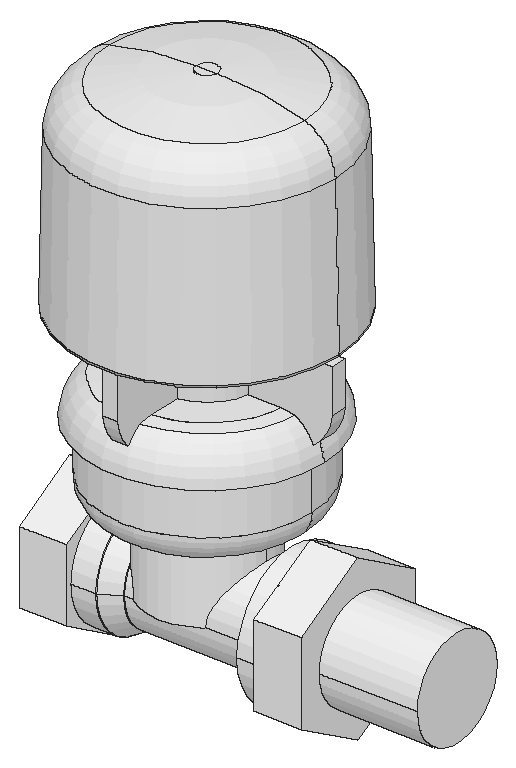
Revit family "RA-IN_Straight_DN10-20_F_Aero_RFA-1", category Pipe Accessories, Revit 2019
Family settings
  Round Connector Dimension = Use Diameter
  Part Type = Valve - Breaks Into
  OmniClass Number = 23.65.55.14.17
  OmniClass Title = Adjusting/Controlling Valves for Liquid Services
  Work Plane-Based = No
  Always vertical = Yes
  Cut with Voids When Loaded = No
  Shared = No
Parameters (values of type "RA-IN_Straight_DN15_Internal_F_013G6584")
  length = 82.00 mm
  Weight = 0.24 kg
  Wa = if(or(Sensor Type = [015G4540], Sensor Type = [015G4544], Sensor Type = [015G4542]), 30.50 mm, 28.00 mm)  # 28.00 mm
  W = if(or(Sensor Type = [015G4540], Sensor Type = [015G4544], Sensor Type = [015G4542]), 61.00 mm, 56.00 mm)  # 56.00 mm
  Setting Range = "1-4,N"  # constant formula
  Sensor Type = Aero Sensors_RA_RFA : Aero Sensors_Built-in_7-28 °C
  SL = L1 + L2  # 61.00 mm
  SD = R_200_1 * 2  # 34.64 mm
  R_200_1 = 17.32 mm
  R_200 = 15.42 mm
  RV4 = 14.80 mm
  RV3 = 12.30 mm
  RV2 = 12.50 mm
  Pressure Drop [instance] = 0.0 bar
  Model Type = "RA-IN_Straight_DN15_Internal_F"
  Model = "013G6584"
  Max Operating Pressure = "10 bar"  # constant formula
  Max Medium Temperature = "120 ˚C"  # constant formula
  Max Differential Pressure = "0.6 bar"  # constant formula
  L4 = 10.00 mm
  Valve Body Material = Danfoss Brass (Nickel plated)
  RV5 = 10.50 mm
  LOD 350 = not(LOD 200)  # yes
  LOD 200 = no
  L8 = 3.80 mm
  L7 = 15.50 mm
  L6 = 9.50 mm
  L5 = 4.00 mm
  L [instance] = 82.00 mm
  Kvs = 0.9 m³/h
  IfcExportType = "RA-IN"  # constant formula
  IfcExportAs = "IfcValveType"  # constant formula
  Ha [instance] = 98.66 mm
  HT1 = if(D = 20.00 mm, 20.00 mm, 15.00 mm)  # 15.00 mm
  L3 = 10.00 mm
  URL = "https://store.danfoss.com/fr/en/Climate-Solutions-for-heating/Radiator-Thermostats/Radiator-Valves/Build-on-valves/Presetting-valves/c/13866?q=%3Arelevance%3Adanfoss_producttypehierarchydesc%3ARA-IN%3Adanfoss_a223339155%3AA223_3391558c5e50fab3748e9c53a6863b3dce1401%3Adanfoss_a2824460767%3AA2824_460767800618943025315f869e4e1f09471012&text="
  Manufacturer = "Danfoss"  # constant formula
  L2 = 32.00 mm
  L1 = 29.00 mm
  HT = HT1 + 33.00 mm  # 48.00 mm
  H [instance] = 115.981 mm
  Flow [instance] = 0.0 m³/h
  Description = "Thermostatic Radiator Valve"  # constant formula
  DB1 = 25.50 mm
  DV1 = 20.30 mm
  L_nut thread2 = 15.00 mm
  L_nut thread1 = 13.35 mm
  D = 15.00 mm
  Connection = "Internal thread"  # constant formula
  015G4544 = Aero Sensors_RA_RFA : Aero Sensors_Tamperproof_Built-in_7-21 °C_015G4544
  015G4542 = Aero Sensors_RA_RFA : Aero Sensors_Tamperproof_Remote_7-26 °C_015G4542
  015G4540 = Aero Sensors_RA_RFA : Aero Sensors_Tamperproof_Built-in_7-28 °C_015G4540
Reference planes
  plane 1 "Center (Front/Back)": y = 0
  plane 2 "XYPLANE": z = 6
  plane 3 "Center (Left/Right)": x = 0
  plane 4 "63": x = 0
  plane 5 "62": x = -29
  plane 6 "61": x = 32
  plane 7 "60": y = 0
  plane 8 "59": z = 0
  plane 9 "Y2": x = -19
  plane 10: z = 48
  plane 11: x = 22
  plane 12: z = 15
  plane 13: x = 15.5
  plane 14: x = -9.5
  plane 15: x = -13.5
  plane 16: x = 18.2
  plane 17: x = -14.273
  plane 18: x = 53
  plane 19: y = 28
  plane 20: y = -28
Forms (mm)
  Extrusion 1, solid, material "Danfoss Brass (Nickel plated)" <- "Valve Body Material", visible <- "LOD 350", detail levels fine
    sketch origin (-15, 0, 0) x (0, 0, 1) y (0, -1, 0)
      loop
        circle (0, 0) r 10.15
    from 5.5 to 30.5
  Extrusion 2, solid, material "Danfoss Brass (Nickel plated)" <- "Valve Body Material", visible <- "LOD 350", detail levels fine
    sketch origin (32, -750, 0) x (0, 1, 0) y (0, 0, 1)
      loop
        line (750, 17.321) -> (735, 8.66) -> (735, -8.66) -> (750, -17.321) -> (765, -8.66) -> (765, 8.66) -> (750, 17.321)
    from 0 to -10
  Extrusion 3, solid, material "Danfoss Brass (Nickel plated)" <- "Valve Body Material", visible <- "LOD 350", detail levels fine
    sketch origin (-29, -750, 0) x (0, 1, 0) y (0, 0, 1)
      loop
        line (750, 15.415) -> (736.65, 7.708) -> (736.65, -7.708) -> (750, -15.415) -> (763.35, -7.708) -> (763.35, 7.708) -> (750, 15.415)
    from 0 to 10 <- "L3"
  Extrusion 4, solid, material "Danfoss Brass (Nickel plated)" <- "Valve Body Material", visible <- "LOD 350", detail levels fine
    sketch origin (32, -750, 0) x (0, 1, 0) y (0, 0, 1)
      loop
        circle (750, 0) r 12.5
    from -51 to -45.5
  Extrusion 5, solid, material "Danfoss Brass (Nickel plated)" <- "Valve Body Material", visible <- "LOD 200", detail levels fine
    sketch origin (32, -750, 0) x (0, 1, 0) y (0, 0, 1)
      loop
        circle (750, 0) r 10.15
    from -51 to -10
  Extrusion 6, solid, material "Danfoss Brass (Nickel plated)" <- "Valve Body Material", detail levels fine
    sketch origin (0, 0, 0) x (0, 1, 0) y (0, 0, 1)
      loop
        circle (0, 0) r 10.5
    from 32 to 53
  Extrusion 7, solid, material "Danfoss Brass (Nickel plated)" <- "Valve Body Material", detail levels fine
    sketch origin (0, 0, 0) x (1, 0, 0) y (0, 1, 0)
      loop
        circle (0, 0) r 12.75
    from 0 to 15
  Blend 8, solid, material "Danfoss Brass (Nickel plated)" <- "Valve Body Material", visible <- "LOD 350", detail levels fine
    base sketch origin (0, 0, 0) x (0, 1, 0) y (0, 0, 1)
      loop
        circle (0, 0) r 12.5
    top sketch origin (0, 0, 0) x (0, 1, 0) y (0, 0, 1)
      loop
        circle (0, 0) r 10.15
    from -13.5 to -9.5
  Blend 9, solid, material "Danfoss Brass (Nickel plated)" <- "Valve Body Material", visible <- "LOD 350", detail levels fine
    base sketch origin (0, 0, 0) x (0, 1, 0) y (0, 0, -1)
      loop
        circle (0, 0) r 12.3
    top sketch origin (0, 0, 0) x (0, 1, 0) y (0, 0, -1)
      loop
        circle (0, 0) r 10.15
    from -18.2 to -15.5
  Extrusion 10, solid, material "Danfoss Brass (Nickel plated)" <- "Valve Body Material", visible <- "LOD 350", detail levels fine
    sketch origin (-29.5, -750, 0) x (0, 1, 0) y (0, 0, -1)
      loop
        circle (750, 0) r 14.8
    from -51.5 to -47.7
  Extrusion 11, solid, material "Danfoss Brass (Nickel plated)" <- "Valve Body Material", visible <- "LOD 200", detail levels fine
    sketch origin (0, 0, 0) x (0, 1, 0) y (0, 0, 1)
      loop
        circle (0, 0) r 15.42
    from -29 to -19
  Extrusion 12, solid, material "Danfoss Brass (Nickel plated)" <- "Valve Body Material", visible <- "LOD 200", detail levels fine
    sketch origin (0, 0, 0) x (0, 1, 0) y (0, 0, 1)
      loop
        circle (0, 0) r 17.32
    from 22 to 32
Lines and regions (mm)
  reference lines, not visible
    curve 1: circle (2, 2, 0) r 1 normal (0, 0, 1)
  reference lines, visible <- "LOD 350"
    curve 2: line (32, 0, 0) -> (32, 5.846, -3.375)
    curve 3: line (32, 0, 0) -> (32, 0, -6.75)
    curve 4: line (32, 0, 0) -> (32, -5.846, -3.375)
    curve 5: line (-29, 0, 0) -> (-29, -4.98, -2.875)
    curve 6: line (-29, 0, 0) -> (-29, 0, -5.75)
    curve 7: line (-29, 0, 0) -> (-29, 4.98, -2.875)
Dimensions and locks
  plane 1 "Center (Front/Back)" to curve 1 = 2.00 mm
  locked: plane 3 "Center (Left/Right)" to plane 4 "63"
  "L1": plane 3 "Center (Left/Right)" to plane 5 "62"
  "L2": plane 3 "Center (Left/Right)" to plane 6 "61"
  locked: plane 1 "Center (Front/Back)" to plane 7 "60"
  plane 8 "59" to plane 2 "XYPLANE" = 6.00 mm
  "L_nut thread2": curve 2 to Extrusion 2 sketch curve  (x2)
  "L_nut thread2": curve 3 to Extrusion 2 sketch curve  (x2)
  "L_nut thread2": curve 4 to Extrusion 2 sketch curve  (x2)
  "L_nut thread1": curve 5 to Extrusion 3 sketch curve  (x2)
  "L_nut thread1": curve 6 to Extrusion 3 sketch curve  (x2)
  "L_nut thread1": curve 7 to Extrusion 3 sketch curve  (x2)
  "HT": plane 10 to level
  "L3": plane 5 "62" to plane 9 "Y2"
  "L4": plane 11 to plane 6 "61"
  "HT1": plane 12 to level
  "L6": plane 3 "Center (Left/Right)" to plane 14
  "L7": plane 13 to plane 3 "Center (Left/Right)"
  "L5": plane 14 to plane 15
  plane 6 "61" to plane 5 "62" = 61.00 mm
  "L8": plane 11 to plane 16
  locked: plane 17 to plane 9 "Y2" at 4.727
  plane 10 to plane 12 = 33.00 mm
  "length": plane 5 "62" to plane 18
  Extrusion 2 to Extrusion 2 = 30.00 mm
  Extrusion 3 to Extrusion 3 = 26.70 mm
  "L": plane 18 to plane 5 "62"
  level to Extrusion 3 = 15.415 mm
  level to Extrusion 2 = 17.321 mm
  "Wa": plane 1 "Center (Front/Back)" to plane 19
  "W": plane 20 to plane 19
  "Ha": nested 2 to level
  "H": nested 2 to Extrusion 2
  "DV1": diameter of Extrusion 1 sketch curve
  "RV2": radius of Extrusion 4 sketch curve
  "DV1": diameter of Extrusion 5 sketch curve
  "RV5": radius of Extrusion 6 sketch curve
  "DB1": diameter of Extrusion 7 sketch curve
  "RV2": radius of Blend 8 sketch curve
  "DV1": diameter of Blend 8 sketch curve
  "RV3": radius of Blend 9 sketch curve
  "DV1": diameter of Blend 9 sketch curve
  "RV4": radius of Extrusion 10 sketch curve
  "R_200": radius of Extrusion 11 sketch curve
  "R_200_1": radius of Extrusion 12 sketch curve
  locked: curve 3 to curve 2 (angle 60.00°)
  locked: curve 4 to curve 3 (angle 60.00°)
  locked: curve 4 to curve 2 (angle 120.00°)
  locked: curve 6 to curve 5 (angle 60.00°)
  locked: curve 7 to curve 6 (angle 60.00°)
  locked: curve 7 to curve 5 (angle 120.00°)
  aligned and locked: Extrusion 1 sketch curve to plane 7 "60"
  aligned and locked: curve 4 to plane 7 "60"
  aligned and locked: plane 8 "59" to curve 4
  aligned and locked: curve 7 to plane 7 "60"
  aligned and locked: plane 8 "59" to curve 7
  aligned and locked: plane 1 "Center (Front/Back)" to Extrusion 4 sketch curve
  aligned and locked: level to Extrusion 4 sketch curve
  aligned and locked: plane 1 "Center (Front/Back)" to Extrusion 5 sketch curve
  aligned and locked: level to Extrusion 5 sketch curve
  aligned and locked: plane 9 "Y2" to Extrusion 3
  aligned and locked: plane 1 "Center (Front/Back)" to Extrusion 6 sketch curve
  aligned and locked: level to Extrusion 6 sketch curve
  aligned and locked: Extrusion 2 to plane 11
  aligned and locked: plane 4 "63" to Extrusion 7 sketch curve
  aligned and locked: plane 7 "60" to Extrusion 7 sketch curve
  aligned and locked: plane 12 to Extrusion 7
  aligned and locked: Extrusion 6 to plane 6 "61"
  aligned and locked: Extrusion 1 to plane 14
  aligned and locked: plane 13 to Extrusion 1
  aligned and locked: Extrusion 4 to plane 9 "Y2"
  aligned and locked: plane 15 to Extrusion 4
  aligned and locked: plane 1 "Center (Front/Back)" to Blend 8 sketch curve  (x2)
  aligned and locked: level to Blend 8 sketch curve  (x2)
  aligned and locked: Blend 8 to plane 15
  aligned and locked: plane 14 to Blend 8
  aligned and locked: plane 13 to Blend 9
  aligned and locked: plane 1 "Center (Front/Back)" to Blend 9 sketch curve  (x2)
  aligned and locked: level to Blend 9 sketch curve  (x2)
  aligned and locked: Extrusion 5 to plane 9 "Y2"
  aligned and locked: plane 11 to Extrusion 5
  aligned and locked: plane 16 to Blend 9
  aligned and locked: plane 11 to Extrusion 10
  aligned and locked: Extrusion 10 to plane 16
  aligned and locked: plane 1 "Center (Front/Back)" to Extrusion 11 sketch curve
  aligned and locked: level to Extrusion 11 sketch curve
  aligned and locked: Extrusion 11 to plane 5 "62"
  aligned and locked: Extrusion 11 to plane 9 "Y2"
  aligned and locked: plane 1 "Center (Front/Back)" to Extrusion 12 sketch curve
  aligned and locked: level to Extrusion 12 sketch curve
  aligned and locked: Extrusion 2 to Extrusion 12
  aligned and locked: Extrusion 12 to plane 6 "61"
  aligned and locked: plane 18 to Extrusion 6
  aligned and locked: plane 3 "Center (Left/Right)" to nested 1
  aligned and locked: plane 12 to nested 1
  aligned and locked: plane 1 "Center (Front/Back)" to nested 1
  aligned and locked: nested 2 to plane 12
  aligned and locked: plane 3 "Center (Left/Right)" to nested 2
  aligned and locked: plane 1 "Center (Front/Back)" to nested 2
  aligned and locked: level to nested 3
  aligned and locked: nested 3 to plane 6 "61"
  aligned and locked: plane 1 "Center (Front/Back)" to nested 3
Automatic sketch dimensions
  plane 3 "Center (Left/Right)" to curve 1 = 2.00 mm
  Extrusion 1 sketch curve to level = 0.00 mm
  Extrusion 6 sketch curve to level = 0.00 mm
  Extrusion 10 sketch curve to level = 0.00 mm
  Extrusion 10 sketch curve to plane 1 "Center (Front/Back)" = 0.00 mm
  radius of curve 1 = 1.00 mm
Nested families
  nested 1: "connection neck" at (0, 0, 15), LOD 200 <- "LOD 200", type "connection", detail levels fine
    with LOD 350 yes, LOD 200 no, DN20(350) no, DN10-15(350) yes
  nested 2: "Aero Sensors_RA_RFA" at (0, 0, 15), type <- "Sensor Type", LOD 200 <- "LOD 200", type "Aero Sensors_Built-in_7-28 °C", detail levels fine
    with Y' 700.00 mm, X' 700.00 mm, LOD 350 yes, LOD 200 no, Box Z Offset 100.00 mm, Box Y Offset 100.00 mm, Box X Offset 100.00 mm
  nested 3: "Schematic_TRV_Sensor_Straight" at (1.5, 0, 0), type "Schematic_TRV_Sensor_Straight", detail levels coarse+medium
Connectors
  piping at (-29, 0, 0), diameter 15, driven by "D", driven by "Flow"
    settings: on Extrusion 3, index 2, connector inside diameter 609.6 mm, connector length 0.00 mm, flow factor 0, pipe flow 0.0 m³/h, pressure drop 0.0 bar, fitting loss kfactor 0, connector angle 0.00°, fixture units 0, engagement length 0.00 mm, angle of deflection 0.00°, flow configuration 0, flow direction 1, fitting loss method 0, system type 29, joint type 0, gender type 0, connector reference index 3, connector utility 0, adjustable connector no, is connector primary yes, connector description ""
  piping at (32, 0, 0), diameter 15, driven by "Flow", driven by "D"
    settings: on Extrusion 2, index 3, connector inside diameter 609.6 mm, connector length 0.00 mm, flow factor 0, pipe flow 0.0 m³/h, pressure drop 0.0 bar, fitting loss kfactor 0, connector angle 0.00°, fixture units 0, engagement length 0.00 mm, angle of deflection 0.00°, flow configuration 0, flow direction 2, fitting loss method 0, system type 29, joint type 0, gender type 0, connector reference index 2, connector utility 0, adjustable connector no, is connector primary no, connector description ""
Definition of nested family "connection neck"
  Parameters (values of type "connection")
    Model = ""
    Valve Body Material = none
    LOD 350 [instance] = not(LOD 200)  # yes
    LOD 200 [instance] = no
    IfcExportType = "Connection neck"  # constant formula
    IfcExportAs = "IfcValveType"  # constant formula
    URL = "https://store.danfoss.com/en/Climate-Solutions-for-heating/Radiator-Thermostats/Radiator-Valves/Build-on-valves/Presetting-valves/c/13866?q=%3Arelevance%3Adanfoss_producttypehierarchydesc%3ARA-N&text="
    Manufacturer = "Danfoss"  # constant formula
    HT1 = if(D = 20.00 mm, 12.55 mm, 12.65 mm)  # 12.65 mm
    HT = 33.00 mm  # constant formula
    H [instance] = 33.00 mm
    Description = "Thermostatic Radiator Valve"  # constant formula
    DN20(350) [instance] = and((LOD 350), D = 20.00 mm)  # no
    DN10-15(350) [instance] = and((LOD 350), D < 20.00 mm)  # yes
    D = 15.00 mm
  Reference planes
    plane 1 "Center (Front/Back)": y = 0
    plane 2 "XYPLANE": z = 6
    plane 3 "Center (Left/Right)": x = 0
    plane 4 "67": z = 27.03
    plane 5 "66": z = 7
    plane 6 "63": x = 0
    plane 7 "60": y = 0
    plane 8 "59": z = 0
    plane 9: z = 33
    plane 10: z = 12.65
    plane 11: z = 0
    plane 12 "HT1": z = 12.65
    plane 13: z = 6.1
    plane 14: z = 23.03
  Forms (mm)
    Revolve 1, solid, detail levels fine
      sketch origin (0, 0, 0) x (1, 0, 0) y (0, 0, 1)
        loop
          line (0, 33) -> (0, 27.03) -> (1, 27.03) -> (1, 33) -> (0, 33)
        axis (0, 27.03) -> (0, 33)
      angle from 0 to 360
    Revolve 2, solid, visible <- "DN10-15(350)", detail levels fine
      sketch origin (0, 0, 0) x (1, 0, 0) y (0, 0, 1)
        loop
          line (0, 0) -> (11.5, 0) -> (11.5, 7) -> (8.3, 7) -> (8.3, 12.65) -> (0, 12.65) -> (0, 0)
        axis (0, 12.65) -> (0, 0)
      angle from 0 to 360
    Revolve 3, solid, material <- "Valve Body Material", detail levels fine
      sketch origin (0, 0, 0) x (1, 0, 0) y (0, 0, 1)
        loop
          line (0, 23.03) -> (0, 12.65) -> (9.3, 12.65) -> (9.3, 23.03) -> (0, 23.03)
        axis (0, 12.65) -> (0, 23.03)
      angle from 0 to 360
    Revolve 4, solid, visible <- "LOD 200", detail levels fine
      sketch origin (0, 0, 0) x (1, 0, 0) y (0, 0, 1)
        loop
          line (0, 0) -> (11.5, 0) -> (11.5, 12.65) -> (0, 12.65) -> (0, 0)
        axis (0, 0) -> (0, 12.65)
      angle from 0 to 360
    Extrusion 5, solid, visible <- "LOD 350", detail levels fine
      sketch origin (0, 0, 0) x (1, 0, 0) y (0, 1, 0)
        loop
          line (-2.887, 5) -> (-5.774, 0) -> (-2.887, -5) -> (2.887, -5) -> (5.774, 0) -> (2.887, 5) -> (-2.887, 5)
      from 23.03 to 27.03
    Revolve 6, solid, visible <- "LOD 200", detail levels fine
      sketch origin (0, 0, 0) x (1, 0, 0) y (0, 0, 1)
        loop
          line (0, 27.03) -> (0, 23.03) -> (5.774, 23.03) -> (5.774, 27.03) -> (0, 27.03)
        axis (0, 27.03) -> (0, 23.03)
      angle from 0 to 360
    Revolve 7, solid, visible <- "DN20(350)", detail levels fine
      sketch origin (0, 0, 0) x (1, 0, 0) y (0, 0, 1)
        loop
          line (0, 0) -> (11.5, 0) -> (11.5, 6.1) -> (8.3, 6.1) -> (8.3, 12.65) -> (0, 12.65) -> (0, 0)
        axis (0, 12.65) -> (0, 0)
      angle from 0 to 360
  Lines and regions (mm)
    reference lines, not visible
      curve 1: circle (2, 2, 0) r 1 normal (0, 0, 1)
    reference lines, visible <- "LOD 350"
      curve 2: line (32, 0, 0) -> (32, 5.846, -3.375)
      curve 3: line (32, 0, 0) -> (32, 0, -6.75)
      curve 4: line (32, 0, 0) -> (32, -5.846, -3.375)
      curve 5: line (-29, 0, 0) -> (-29, -4.98, -2.875)
      curve 6: line (-29, 0, 0) -> (-29, 0, -5.75)
      curve 7: line (-29, 0, 0) -> (-29, 4.98, -2.875)
  Dimensions and locks
    plane 1 "Center (Front/Back)" to curve 1 = 2.00 mm
    locked: plane 3 "Center (Left/Right)" to plane 6 "63"
    locked: plane 1 "Center (Front/Back)" to plane 7 "60"
    plane 8 "59" to plane 2 "XYPLANE" = 6.00 mm
    "HT": plane 9 to level
    Revolve 3 sketch curve to Revolve 3 sketch curve = 9.30 mm
    Revolve 2 sketch curve to plane 3 "Center (Left/Right)" = 11.50 mm
    Revolve 2 sketch curve to plane 3 "Center (Left/Right)" = 8.30 mm
    Revolve 4 sketch curve to Revolve 4 sketch curve = 11.50 mm
    Extrusion 5 sketch curve to Extrusion 5 sketch curve = 10.00 mm  (x3)
    equal spacing: Extrusion 5 sketch curve, plane 1 "Center (Front/Back)", Extrusion 5 sketch curve
    equal spacing: Extrusion 5 sketch curve, plane 3 "Center (Left/Right)", Extrusion 5 sketch curve  (x2)
    Revolve 6 sketch curve to Revolve 6 sketch curve = 5.774 mm
    "H": plane 9 to plane 11
    Revolve 1 sketch curve to Revolve 1 sketch curve = 1.00 mm
    locked: level to plane 11
    Revolve 7 sketch curve to plane 3 "Center (Left/Right)" = 8.30 mm
    Revolve 7 sketch curve to plane 3 "Center (Left/Right)" = 11.50 mm
    plane 10 to plane 5 "66" = 5.65 mm
    "HT1": plane 12 "HT1" to level
    locked: plane 13 to level at 6.1
    plane 12 "HT1" to plane 13 = 6.55 mm
    locked: plane 14 to plane 12 "HT1" at 10.38
    locked: plane 4 "67" to plane 14 at 4
    locked: plane 5 "66" to level at 7
    locked: curve 3 to curve 2 (angle 60.00°)
    locked: curve 4 to curve 3 (angle 60.00°)
    locked: curve 4 to curve 2 (angle 120.00°)
    locked: curve 6 to curve 5 (angle 60.00°)
    locked: curve 7 to curve 6 (angle 60.00°)
    locked: curve 7 to curve 5 (angle 120.00°)
    aligned and locked: curve 4 to plane 7 "60"
    aligned and locked: plane 8 "59" to curve 4
    aligned and locked: curve 7 to plane 7 "60"
    aligned and locked: plane 8 "59" to curve 7
    aligned and locked: Revolve 1 sketch curve to plane 6 "63"
    aligned and locked: Revolve 1 sketch curve to plane 9
    aligned and locked: plane 6 "63" to Revolve 1 sketch curve
    aligned and locked: Revolve 2 sketch curve to plane 5 "66"
    aligned and locked: Revolve 2 sketch curve to plane 3 "Center (Left/Right)"
    aligned and locked: Revolve 2 sketch curve to Revolve 2 sketch curve
    aligned and locked: Revolve 3 sketch curve to plane 6 "63"
    aligned and locked: plane 6 "63" to Revolve 3 sketch curve
    aligned and locked: Revolve 4 sketch curve to plane 6 "63"
    aligned and locked: plane 2 "XYPLANE" to Revolve 4 sketch curve
    aligned and locked: plane 6 "63" to Revolve 4 sketch curve
    aligned and locked: Revolve 1 sketch curve to plane 4 "67"
    aligned and locked: plane 4 "67" to Revolve 1 sketch curve
    aligned and locked: Revolve 2 sketch curve to plane 11
    aligned and locked: plane 11 to Revolve 2 sketch curve
    aligned and locked: plane 4 "67" to Extrusion 5
    aligned and locked: plane 10 to Revolve 4
    aligned and locked: Revolve 6 sketch curve to plane 6 "63"  (x2)
    aligned and locked: Revolve 6 sketch curve to plane 4 "67"
    aligned and locked: Revolve 6 sketch curve to Revolve 1
    aligned and locked: Revolve 6 sketch curve to Revolve 6 sketch curve
    aligned and locked: Revolve 7 sketch curve to level
    aligned and locked: Revolve 7 sketch curve to plane 3 "Center (Left/Right)"  (x2)
    aligned and locked: Revolve 4 sketch curve to plane 12 "HT1"
    aligned and locked: Revolve 3 sketch curve to plane 12 "HT1"
    aligned and locked: Revolve 2 sketch curve to plane 12 "HT1"
    aligned and locked: Revolve 7 sketch curve to plane 12 "HT1"
    aligned and locked: Revolve 7 sketch curve to plane 13
    aligned and locked: Revolve 3 sketch curve to plane 14
    aligned and locked: Extrusion 5 to plane 14
  Automatic sketch dimensions
    plane 3 "Center (Left/Right)" to curve 1 = 2.00 mm
    plane 9 to Revolve 1 sketch curve = 0.838 mm
    Revolve 3 sketch curve to plane 3 "Center (Left/Right)" = 0.00 mm
    plane 5 "66" to Revolve 3 sketch curve = 2.50 mm
    Revolve 3 sketch curve to plane 9 = 1.691 mm
    Revolve 4 sketch curve to plane 11 = 0.00 mm
    Revolve 4 sketch curve to plane 9 = 0.30 mm
    plane 1 "Center (Front/Back)" to Extrusion 5 sketch curve = 0.00 mm
    Extrusion 5 sketch curve to Extrusion 5 sketch curve = 2.887 mm
    Revolve 7 sketch curve to Revolve 7 sketch curve = 0.00 mm
    Revolve 7 sketch curve to Revolve 7 sketch curve = 11.48 mm
    Revolve 2 sketch curve to plane 4 "67" = 3.00 mm
    Revolve 6 sketch curve to plane 4 "67" = 4.00 mm
    radius of curve 1 = 1.00 mm
Definition of nested family "Aero Sensors_RA_RFA"
  Parameters (values of type "Aero Sensors_Built-in_7-28 °C")
    YH = XYadd - H'  # 516.00 mm
    Y' [instance] = if(Box Y Offset < -1 * XYlimit, XYadd - XYlimit, (if(Box Y Offset > XYlimit, XYadd + XYlimit, Box Y Offset + XYadd)))  # 700.00 mm
    XYadd = XYlimit + 100.00 mm  # 600.00 mm
    X' [instance] = if(Box X Offset < -1 * XYlimit, XYadd - XYlimit, (if(Box X Offset > XYlimit, XYadd + XYlimit, Box X Offset + XYadd)))  # 700.00 mm
    XYlimit = 500.00 mm
    W [instance] = 56.00 mm
    Min Temperature Setting = "7 °C"
    Max Temperature Setting = "28 °C"
    Max Capillary Tube Length = 0.00 mm
    Sensor Media = "Gas"  # constant formula
    Remote Sensor = if(RS = 1, 1 = 1, 1 = 0)  # no
    Box Z Offset [instance] = 100.00 mm  # constant formula
    URL = "https://store.danfoss.com/en/Climate-Solutions-for-heating/Radiator-Thermostats/Radiator-sensors/Room-sensor-mTRV/Sensors-for-Danfoss-RA-valves/c/13884?q=%3Arelevance%3Adanfoss_producttypehierarchydesc%3ADanfoss+Aero%C2%AE+Sensors%3Adanfoss_a1186338575%3AA1186_3385757565fa0f3e171a343b2fd2a01064cb82&text="
    RS = 0
    Model Type = "Aero Sensors_Built-in_7-28 °C"
    Model = "015G4590,015G4594,015G4580,015G5201,015G4595,015G4598"
    Manufacturer = "Danfoss"  # constant formula
    LOD 350 [instance] = not(LOD 200)  # yes
    LOD 200 [instance] = no
    L [instance] = 56.00 mm
    IfcExportType = "Aero Sensors"  # constant formula
    IfcExportAs = "IfcActuatorType"  # constant formula
    H' = 84.00 mm
    H [instance] = 84.00 mm
    Description = "Radiator Sensor"  # constant formula
    Connection = "RA"  # constant formula
    Box Y Offset [instance] = 100.00 mm
    Box X Offset [instance] = 100.00 mm
    Body Material = none
    Aero Sensor = Aero_RFA : Aero Sensors
  Types (11, lengths in mm): name | YH | Y' | XYadd | X' | XYlimit | W | Min Temperature Setting | Max Temperature Setting | Max Capillary Tube Length | Remote Sensor | URL | RS | Model Type | Model | L | Aero Sensor
    (no name) | 516.00 | 700.00 | 600.00 | 700.00 | 500.00 | 56.00 | "7 °C" | "28 °C" | 0.00 | no | "https://store.danfoss.com/en/Climate-Solutions-for-heating/Radiator-Thermostats/Radiator-sensors/Room-sensor-mTRV/Sensors-for-Danfoss-RA-valves/c/13884?q=%3Arelevance%3Adanfoss_producttypehierarchydesc%3ADanfoss+Aero%C2%AE+Sensors%3Adanfoss_a1186338575%3AA1186_3385757565fa0f3e171a343b2fd2a01064cb82&text=" | 0 | "Aero Sensors_Built-in_7-28 °C" | "015G4590,015G4594,015G4580,015G5201,015G4595,015G4598" | 56.00 | Aero_RFA : Aero Sensors
    Aero Sensors_Built-in_7-28 °C | 516.00 | 700.00 | 600.00 | 700.00 | 500.00 | 56.00 | "7 °C" | "28 °C" | 0.00 | no | "https://store.danfoss.com/en/Climate-Solutions-for-heating/Radiator-Thermostats/Radiator-sensors/Room-sensor-mTRV/Sensors-for-Danfoss-RA-valves/c/13884?q=%3Arelevance%3Adanfoss_producttypehierarchydesc%3ADanfoss+Aero%C2%AE+Sensors%3Adanfoss_a1186338575%3AA1186_3385757565fa0f3e171a343b2fd2a01064cb82&text=" | 0 | "Aero Sensors_Built-in_7-28 °C" | "015G4590,015G4594,015G4580,015G5201,015G4595,015G4598" | 56.00 | Aero_RFA : Aero Sensors
    Aero Sensors_Tamperproof_Built-in_7-28 °C_015G4540 | 516.00 | 700.00 | 600.00 | 700.00 | 500.00 | 61.00 | "7 °C" | "28 °C" | 0.00 | no | "https://store.danfoss.com/en/Climate-Solutions-for-heating/Radiator-Thermostats/Radiator-sensors/Room-sensor-mTRV/Sensors-for-Danfoss-RA-valves/c/13884?q=%3Arelevance%3Adanfoss_producttypehierarchydesc%3ADanfoss+Aero%C2%AE+Sensors%3Adanfoss_a1186338575%3AA1186_3385757565fa0f3e171a343b2fd2a01064cb82&text=" | 0 | "Aero Sensors_Tamperproof_Built-in_7-28 °C" | "015G4540" | 61.00 | Aero_RFA : Aero Sensors_Tamper
    Aero Sensors_Remote_7-26 °C_015G4592 | 1016.00 | 1200.00 | 1100.00 | 1200.00 | 1000.00 | 56.00 | "7 °C" | "26 °C" | 2000.00 | yes | "https://store.danfoss.com/en/Climate-Solutions-for-heating/Radiator-Thermostats/Radiator-sensors/Room-sensor-mTRV/Sensors-for-Danfoss-RA-valves/c/13884?q=%3Arelevance%3Adanfoss_producttypehierarchydesc%3ADanfoss+Aero%C2%AE+Sensors%3Adanfoss_a1186338575%3AA1186_3385756922a4d78decdb47e1e9a53dbb12a95d&text=" | 1 | "Aero Sensors_Remote_7-26 °C" | "015G4592" | 56.00 | Aero_RFA : Aero Sensors
    Aero Sensors_Tamperproof_Remote_7-26 °C_015G4542 | 1016.00 | 1200.00 | 1100.00 | 1200.00 | 1000.00 | 61.00 | "7 °C" | "26 °C" | 2000.00 | yes | "https://store.danfoss.com/en/Climate-Solutions-for-heating/Radiator-Thermostats/Radiator-sensors/Room-sensor-mTRV/Sensors-for-Danfoss-RA-valves/c/13884?q=%3Arelevance%3Adanfoss_producttypehierarchydesc%3ADanfoss+Aero%C2%AE+Sensors%3Adanfoss_a1186338575%3AA1186_3385756922a4d78decdb47e1e9a53dbb12a95d&text=" | 1 | "Aero Sensors_Tamperproof_Remote_7-26 °C" | "015G4542" | 61.00 | Aero_RFA : Aero Sensors_Tamper
    Aero Sensors_Built-in_16-28 °C | 516.00 | 700.00 | 600.00 | 700.00 | 500.00 | 56.00 | "16 °C" | "28 °C" | 0.00 | no | "https://store.danfoss.com/en/Climate-Solutions-for-heating/Radiator-Thermostats/Radiator-sensors/Room-sensor-mTRV/Sensors-for-Danfoss-RA-valves/c/13884?q=%3Arelevance%3Adanfoss_producttypehierarchydesc%3ADanfoss+Aero%C2%AE+Sensors%3Adanfoss_a1186338575%3AA1186_3385757565fa0f3e171a343b2fd2a01064cb82&text=" | 0 | "Aero Sensors_Built-in_16-28 °C" | "015G4596,015G5200" | 56.00 | Aero_RFA : Aero Sensors
    Aero Sensors_Built-in_7-21 °C | 516.00 | 700.00 | 600.00 | 700.00 | 500.00 | 56.00 | "7 °C" | "21 °C" | 0.00 | no | "https://store.danfoss.com/en/Climate-Solutions-for-heating/Radiator-Thermostats/Radiator-sensors/Room-sensor-mTRV/Sensors-for-Danfoss-RA-valves/c/13884?q=%3Arelevance%3Adanfoss_producttypehierarchydesc%3ADanfoss+Aero%C2%AE+Sensors%3Adanfoss_a1186338575%3AA1186_3385757565fa0f3e171a343b2fd2a01064cb82&text=" | 0 | "Aero Sensors_Built-in_7-21 °C" | "015G4690,015G4680" | 56.00 | Aero_RFA : Aero Sensors
    Aero Sensors_Built-in_7-22 °C_015G4622 | 516.00 | 700.00 | 600.00 | 700.00 | 500.00 | 56.00 | "7 °C" | "22 °C" | 0.00 | no | "https://store.danfoss.com/en/Climate-Solutions-for-heating/Radiator-Thermostats/Radiator-sensors/Room-sensor-mTRV/Sensors-for-Danfoss-RA-valves/c/13884?q=%3Arelevance%3Adanfoss_producttypehierarchydesc%3ADanfoss+Aero%C2%AE+Sensors%3Adanfoss_a1186338575%3AA1186_3385757565fa0f3e171a343b2fd2a01064cb82&text=" | 0 | "Aero Sensors_Built-in_7-22 °C" | "015G4622" | 56.00 | Aero_RFA : Aero Sensors
    Aero Sensors_Built-in_7-23 °C | 516.00 | 700.00 | 600.00 | 700.00 | 500.00 | 56.00 | "7 °C" | "23 °C" | 0.00 | no | "https://store.danfoss.com/en/Climate-Solutions-for-heating/Radiator-Thermostats/Radiator-sensors/Room-sensor-mTRV/Sensors-for-Danfoss-RA-valves/c/13884?q=%3Arelevance%3Adanfoss_producttypehierarchydesc%3ADanfoss+Aero%C2%AE+Sensors%3Adanfoss_a1186338575%3AA1186_3385757565fa0f3e171a343b2fd2a01064cb82&text=" | 0 | "Aero Sensors_Built-in_7-23 °C" | "015G4623,015G5205" | 56.00 | Aero_RFA : Aero Sensors
    Aero Sensors_Remote_7-21 °C | 1016.00 | 1200.00 | 1100.00 | 1200.00 | 1000.00 | 56.00 | "7 °C" | "21 °C" | 2000.00 | yes | "https://store.danfoss.com/en/Climate-Solutions-for-heating/Radiator-Thermostats/Radiator-sensors/Room-sensor-mTRV/Sensors-for-Danfoss-RA-valves/c/13884?q=%3Arelevance%3Adanfoss_producttypehierarchydesc%3ADanfoss+Aero%C2%AE+Sensors%3Adanfoss_a1186338575%3AA1186_3385756922a4d78decdb47e1e9a53dbb12a95d&text=" | 1 | "Aero Sensors_Remote_7-21 °C" | "015G4692,015G4682" | 56.00 | Aero_RFA : Aero Sensors
    Aero Sensors_Tamperproof_Built-in_7-21 °C_015G4544 | 516.00 | 700.00 | 600.00 | 700.00 | 500.00 | 56.00 | "7 °C" | "21 °C" | 0.00 | no | "https://store.danfoss.com/en/Climate-Solutions-for-heating/Radiator-Thermostats/Radiator-sensors/Room-sensor-mTRV/Sensors-for-Danfoss-RA-valves/c/13884?q=%3Arelevance%3Adanfoss_producttypehierarchydesc%3ADanfoss+Aero%C2%AE+Sensors%3Adanfoss_a1186338575%3AA1186_3385757565fa0f3e171a343b2fd2a01064cb82&text=" | 0 | "Aero Sensors_Tamperproof_Built-in_7-21 °C" | "015G4544" | 56.00 | Aero_RFA : Aero Sensors_Tamper
  Reference planes
    plane 1 "Center (Front/Back)": y = 0
    plane 2: z = 0
    plane 3 "Center (Left/Right)": x = 0
    plane 4: x = -600
    plane 5: z = -516
    plane 6: z = 184
  Lines and regions (mm)
    reference lines
      curve 1: line (100, 100, 0) -> (100, 0, 0)
      curve 2: line (17.515, 100, 0) -> (-57.515, 100, 0)
  Dimensions and locks
    "XYadd": plane 4 to plane 3 "Center (Left/Right)"
    "YH": level to plane 5
    locked: plane 1 "Center (Front/Back)" to curve 2 at 100
    "Y'": plane 6 to plane 5
    "X'": plane 4 to curve 1
    "Box Z Offset": nested 1 to plane 1 "Center (Front/Back)"
    nested 1 to plane 3 "Center (Left/Right)" = 100.00 mm
    "H": nested 2 to level
    nested 1 to nested 2 = 100.00 mm
    "L": nested 2 to nested 2
    "W": nested 2 to nested 2
    aligned and locked: level to plane 2
    aligned and locked: curve 1 to nested 1
    aligned and locked: plane 6 to nested 1
    aligned and locked: plane 3 "Center (Left/Right)" to nested 2
    aligned and locked: nested 2 to level
    aligned and locked: plane 1 "Center (Front/Back)" to nested 2
  Automatic sketch dimensions
    plane 1 "Center (Front/Back)" to curve 1 = 0.00 mm
    plane 3 "Center (Left/Right)" to curve 2 = 17.515 mm
    curve 2 to plane 3 "Center (Left/Right)" = 57.515 mm
  Nested families
    nested 1: "Remote sensor_box_RFA" at (100, 100, 184) x (-1, 0, 0) z (0, -1, 0), LOD 200 <- "LOD 200", Body Material <- "Body Material", visible <- "Remote Sensor", type "Remote sensor_box"
      with LOD 350 yes, LOD 200 no, Body Material none
    nested 2: "Aero_RFA" at (0, 0, 0), type <- "Aero Sensor", type "Aero Sensors", detail levels fine
  Definition of nested family "Remote sensor_box_RFA"
    Parameters (values of type "Remote sensor_box")
      W [instance] = 56.00 mm
      URL = ""
      Sensor Media = "Gas Sensor"  # constant formula
      Model = ""
      Manufacturer = "Danfoss"  # constant formula
      LOD 350 [instance] = not(LOD 200)  # no
      LOD 200 [instance] = yes
      L [instance] = 26.00 mm
      IfcExportType = "Remote Gas Sensor"  # constant formula
      IfcExportAs = "IfcActuatorType"  # constant formula
      H [instance] = 25.00 mm
      Description = "Radiator Sensor"  # constant formula
      Default Elevation = 1219.20 mm
      Body Material [instance] = none
    Reference planes
      plane 1 "Center (Front/Back)": y = 0
      plane 2: z = 0
      plane 3 "Center (Left/Right)": x = 0
      plane 4: z = 25
      plane 5: y = 28
      plane 6: y = -28
      plane 7: x = -13
      plane 8: x = 13
    Forms (mm)
      Extrusion 1, solid, material <- "Body Material", detail levels fine
        sketch origin (0, 0, 83.1) x (0, -1, 0) y (1, 0, 0)
          loop
            line (-23.8, -10) -> (23.8, -10) -> (23.8, 9.915) -> (-23.8, 9.915) -> (-23.8, -10)
        from -83.1 to -77.6
      Extrusion 2, solid, material <- "Body Material", visible <- "LOD 200", detail levels fine
        sketch origin (0, 0, 88.6) x (0, -1, 0) y (1, 0, 0)
          loop
            line (-28, -13) -> (28, -13) -> (28, 13) -> (-28, 13) -> (-28, -13)
        from -83.1 to -63.6
      Blend 3, solid, material <- "Body Material", visible <- "LOD 350", detail levels fine
        base sketch origin (0, 0, 82.972) x (0, -1, 0) y (1, 0, 0)
          loop
            line (-28.001, -13) -> (28, -13) -> (28, 13) -> (-28.001, 13) -> (-28.001, -13)
        top sketch origin (0, 0, 82.972) x (0, -1, 0) y (1, 0, 0)
          loop
            line (-26.435, -11.489) -> (26.435, -11.489) -> (26.435, 11.489) -> (-26.435, 11.489) -> (-26.435, -11.489)
        from -77.6 to -57.972
      Extrusion 4, void
        sketch origin (0, 0, 0) x (0, 1, 0) y (0, 0, 1)
          loop
            line (28.001, 5.372) -> (31.043, 5.372) -> (31.043, 25) -> (25.964, 25) -> (28.001, 5.372)
          loop
            line (-25.965, 25) -> (-31.105, 25) -> (-31.105, 5.372) -> (-28, 5.372) -> (-25.965, 25)
        from -17.5 to 17.5
      Extrusion 5, solid, material <- "Body Material", detail levels coarse+medium
        sketch origin (0, 0, 0) x (0, 1, 0) y (0, 0, 1)
          loop
            line (28, 25) -> (-28, 25) -> (-28, 0) -> (28, 0) -> (28, 25)
        from -13 to 13
    Dimensions and locks
      "H": plane 4 to level
      equal spacing: plane 7, plane 3 "Center (Left/Right)", plane 8
      equal spacing: plane 5, plane 1 "Center (Front/Back)", plane 6
      "W": plane 5 to plane 6
      "L": plane 7 to plane 8
      plane 8 to plane 7 = 26.00 mm
      level to Extrusion 5 = 25.00 mm
      aligned and locked: level to plane 2
      aligned and locked: Extrusion 1 to level
      aligned and locked: Extrusion 2 to plane 7
      aligned and locked: plane 8 to Extrusion 2
      aligned and locked: plane 4 to Extrusion 2
      aligned and locked: plane 5 to Extrusion 2
      aligned and locked: Extrusion 2 to plane 6
    Automatic sketch dimensions
      Extrusion 1 sketch curve to plane 5 = 4.20 mm
      plane 6 to Extrusion 1 sketch curve = 4.20 mm
      plane 7 to Extrusion 1 sketch curve = 3.00 mm
      Extrusion 1 sketch curve to plane 8 = 3.085 mm
      Extrusion 2 sketch curve to plane 5 = 0.00 mm
      Extrusion 2 sketch curve to plane 6 = 0.00 mm
      plane 7 to Extrusion 2 sketch curve = 0.00 mm
      Extrusion 2 sketch curve to plane 8 = 0.00 mm
      plane 6 to Blend 3 sketch curve = 0.00 mm
      Blend 3 sketch curve to plane 5 = 1.565 mm
      plane 7 to Blend 3 sketch curve = 1.511 mm
      plane 6 to Blend 3 sketch curve = 1.565 mm
      Blend 3 sketch curve to plane 8 = 1.511 mm
      Extrusion 4 sketch curve to plane 4 = 0.00 mm  (x2)
      Extrusion 4 sketch curve to plane 6 = 3.105 mm
      plane 6 to Extrusion 4 sketch curve = 0.00 mm
      plane 5 to Extrusion 4 sketch curve = 0.001 mm
      level to Extrusion 4 sketch curve = 5.372 mm  (x2)
      plane 6 to Extrusion 4 sketch curve = 2.035 mm
      Extrusion 4 sketch curve to plane 5 = 2.036 mm
      Extrusion 4 sketch curve to Extrusion 4 sketch curve = 3.042 mm
      plane 5 to Blend 3 sketch curve = 0.001 mm
      plane 7 to Blend 3 sketch curve = 0.00 mm
      Blend 3 sketch curve to plane 8 = 0.00 mm
      Extrusion 5 sketch curve to plane 4 = 0.00 mm
      Extrusion 5 sketch curve to plane 6 = 0.00 mm
      Extrusion 5 sketch curve to level = 0.00 mm
      Extrusion 5 sketch curve to plane 5 = 0.00 mm
  Definition of nested family "Aero_RFA"
    Parameters (values of type "Aero Sensors")
      W = L  # 56.00 mm
      URL = ""
      Model Type = "Aero Sensors"
      L = 56.00 mm
      Sensor Media = "Gas"  # constant formula
      Model = ""
      Manufacturer = "Danfoss"  # constant formula
      LOD 350 = not(LOD 200)  # yes
      LOD 200 = no
      IfcExportType = "Aero Sensors"  # constant formula
      IfcExportAs = "IfcActuatorType"  # constant formula
      H [instance] = 84.00 mm
      Description = "Radiator Sensor"  # constant formula
      D1 = 1.00 mm
      Connection = "RA"  # constant formula
      Body Material = none
      With Tamper (LOD 200) = if(and(LOD 200, D1 = 0.00 mm), 1 = 1, 1 = 0)  # no
      With Tamper (LOD 350) = if(and(LOD 350, D1 = 0.00 mm), 1 = 1, 1 = 0)  # no
      Standard (LOD 200) = if(and(LOD 200, D1 > 0.00 mm), 1 = 1, 1 = 0)  # no
      Standard (LOD 350) = if(and(LOD 350, D1 > 0.00 mm), 1 = 1, 1 = 0)  # yes
    Types (2, lengths in mm): name | W | Model Type | L | D1 | With Tamper (LOD 350) | Standard (LOD 350)
      Aero Sensors | 56.00 | "Aero Sensors" | 56.00 | 1.00 | no | yes
      Aero Sensors_Tamper | 61.00 | "Aero Sensors_Tamper" | 61.00 | 0.00 | yes | no
    Reference planes
      plane 1 "Center (Front/Back)": y = 0
      plane 2: z = 0
      plane 3 "Center (Left/Right)": x = 0
      plane 4: z = 84
      plane 5: z = 15.7
      plane 6: z = 55.7
      plane 7: z = 38.9
      plane 8: x = 28
      plane 9: x = -28
      plane 10: y = 28
      plane 11: y = -28
    Forms (mm)
      Revolve 1, solid, material <- "Body Material", visible <- "Standard (LOD 350)"
        sketch origin (58.75, 0, 0) x (1, 0, 0) y (0, 0, 1)
          loop
            line (-81.015, 17.711) -> (-81.015, 7.41)
            arc (-81.015, 7.41) -> (-79.155, 2.921) -> (-74.665, 1.061) r 6.349
            line (-74.665, 1.061) -> (-72.426, 1.061) -> (-71.627, 0) -> (-58.75, 0) -> (-58.75, 26.296) -> (-75.835, 26.296) -> (-78.801, 25.879)
            arc (-78.801, 25.879) -> (-82.169, 22.397) -> (-83.397, 17.711) r 9.556
            line (-83.397, 17.711) -> (-81.015, 17.711)
          axis (-58.75, 26.296) -> (-58.75, 0)
        angle from 0 to 360
      Revolve 2, solid, material <- "Body Material", visible <- "Standard (LOD 200)"
        sketch origin (0, 0, 0) x (1, 0, 0) y (0, 0, 1)
          loop
            line (-27.989, 71.35) -> (-27.989, 26.296) -> (0, 26.296) -> (0, 83.808) -> (-6.101, 83.808)
            arc (-6.101, 83.808) -> (-13.09, 83.312) -> (-19.938, 81.833) r 49.463
            arc (-19.938, 81.833) -> (-25.744, 77.959) -> (-27.989, 71.35) r 10.851
          axis (0, 83.808) -> (0, 26.296)
        angle from 0 to 360
      Extrusion 3, solid, material <- "Body Material", visible <- "Standard (LOD 350)"
        sketch origin (0, 0, 0) x (1, 0, 0) y (0, 0, 1)
          loop
            line (-10.112, 38.861) -> (-18.956, 38.861) -> (-22.118, 37.969) -> (-28, 37.969) -> (-28, 28.615)
            arc (-28, 28.615) -> (-24.743, 22.336) -> (-18.133, 19.817) r 9.932
            line (-18.133, 19.817) -> (-10.112, 19.817) -> (-10.112, 38.861)
        from -1.599 to 1.564
      Extrusion 4, solid, material <- "Body Material", visible <- "Standard (LOD 350)"
        sketch origin (0, 0, 0) x (0, 1, 0) y (0, 0, 1)
          loop
            line (-7.612, 38.861) -> (-16.456, 38.861) -> (-19.618, 37.969) -> (-25.5, 37.969) -> (-25.5, 28.615)
            arc (-25.5, 28.615) -> (-22.243, 22.336) -> (-15.633, 19.817) r 9.932
            line (-15.633, 19.817) -> (-7.612, 19.817) -> (-7.612, 38.861)
        from -1.599 to 1.564
      Extrusion 5, solid, material <- "Body Material", visible <- "Standard (LOD 350)"
        sketch origin (0, 0, 0) x (-1, 0, 0) y (0, 0, -1)
          loop
            line (-10.112, -38.861) -> (-10.112, -19.817) -> (-18.133, -19.817)
            arc (-18.133, -19.817) -> (-24.743, -22.336) -> (-28, -28.615) r 9.932
            line (-28, -28.615) -> (-28, -37.969) -> (-22.118, -37.969) -> (-18.956, -38.861) -> (-10.112, -38.861)
        from -1.599 to 1.564
      Revolve 6, solid, material <- "Body Material", visible <- "Standard (LOD 200)"
        sketch origin (0, 0, 0) x (1, 0, 0) y (0, 0, 1)
          loop
            line (-22.577, 26.296) -> (-22.577, 0) -> (0, 0) -> (0, 26.296) -> (-22.577, 26.296)
          axis (0, 26.296) -> (0, 0)
        angle from 0 to 360
      Revolve 7, solid, material <- "Body Material", visible <- "With Tamper (LOD 200)"
        sketch origin (0, 0, 0) x (1, 0, 0) y (0, 0, 1)
          loop
            line (-17.049, 15.7) -> (-17.049, 0) -> (0, 0) -> (0, 15.7) -> (-17.049, 15.7)
          axis (0, 15.7) -> (0, 0)
        angle from 0 to 360
      Extrusion 8, solid, material <- "Body Material", visible <- "Standard (LOD 350)"
        sketch origin (0, 0, 0) x (0, 1, 0) y (0, 0, 1)
          loop
            line (7.612, 38.861) -> (7.612, 19.42) -> (16.192, 19.42)
            arc (16.192, 19.42) -> (20.244, 20.167) -> (23.763, 22.31) r 11.36
            arc (23.763, 22.31) -> (25.412, 24.295) -> (26.713, 26.524) r 15.693
            line (26.713, 26.524) -> (25.847, 26.524) -> (25.847, 38.861) -> (7.612, 38.861)
        from -1.6 to 1.56
      Revolve 9, solid, material <- "Body Material", visible <- "Standard (LOD 350)"
        sketch origin (0, 0, 0) x (1, 0, 0) y (0, 0, 1)
          loop
            line (0, 38.861) -> (-10.112, 38.861) -> (-10.112, 26.296) -> (0, 26.296) -> (0, 38.861)
          axis (0, 38.861) -> (0, 26.296)
        angle from 0 to 360
      Extrusion 10, solid, visible <- "Standard (LOD 350)"
        sketch origin (-10, 0, 0) x (1, 0, 0) y (0, 0, 1)
          loop
            arc (11.774, 26.527) -> (13.062, 27.175) -> (13.617, 28.507) r 2.075
            line (13.617, 28.507) -> (13.617, 31.972)
            arc (13.617, 31.972) -> (13.435, 33.865) -> (12.894, 35.69) r 9.921
            arc (12.894, 35.69) -> (12.616, 36.316) -> (12.295, 36.921) r 9.921
            arc (12.295, 36.921) -> (11.778, 37.482) -> (11.072, 37.77) r 1.747
            line (11.072, 37.77) -> (8.928, 37.77)
            arc (8.928, 37.77) -> (8.222, 37.482) -> (7.705, 36.921) r 1.747
            arc (7.705, 36.921) -> (7.384, 36.316) -> (7.106, 35.69) r 9.921
            arc (7.106, 35.69) -> (6.565, 33.865) -> (6.383, 31.972) r 9.921
            line (6.383, 31.972) -> (6.383, 28.507)
            arc (6.383, 28.507) -> (6.938, 27.175) -> (8.226, 26.527) r 2.075
            line (8.226, 26.527) -> (11.774, 26.527)
        from -27.797 to -25.847
      Revolve 11, solid, material <- "Body Material", visible <- "Standard (LOD 350)"
        sketch origin (0, 0, 0) x (1, 0, 0) y (0, 0, 1)
          loop
            line (-27.181, 72.625) -> (-27.823, 39.37)
            arc (-27.823, 39.37) -> (-27.604, 38.947) -> (-27.131, 38.9) r 0.499
            line (-27.131, 38.9) -> (-17.836, 38.9) -> (0, 38.9) -> (0, 83.811) -> (-2.223, 83.811)
            arc (-2.223, 83.811) -> (-11.503, 83.187) -> (-20.617, 81.328) r 69.366
            arc (-20.617, 81.328) -> (-25.309, 78.04) -> (-27.181, 72.625) r 9.291
          axis (0, 83.811) -> (0, 38.9)
        angle from 0 to 360
      Revolve 12, solid, material <- "Body Material", visible <- "With Tamper (LOD 350)"
        sketch origin (0, 0, 0) x (1, 0, 0) y (0, 0, 1)
          loop
            line (-27.64, 55.7) -> (-29.195, 55.7) -> (-30.485, 54.745) -> (-30.485, 38.723) -> (-22.149, 18.09)
            arc (-22.149, 18.09) -> (-20.819, 16.357) -> (-18.736, 15.7) r 3.632
            line (-18.736, 15.7) -> (0, 15.7) -> (0, 83.75)
            arc (0, 83.75) -> (-2.863, 83.722) -> (-5.726, 83.66) r 248.1
            arc (-5.726, 83.66) -> (-12.108, 83.017) -> (-18.449, 82.06) r 129.753
            arc (-18.449, 82.06) -> (-25.038, 78.256) -> (-27.64, 71.108) r 11.121
            line (-27.64, 71.108) -> (-27.64, 55.7)
          axis (0, 83.75) -> (0, 15.7)
        angle from 0 to 360
      Revolve 13, solid, material <- "Body Material", visible <- "With Tamper (LOD 200)"
        sketch origin (0, 0, 0) x (1, 0, 0) y (0, 0, 1)
          loop
            line (0, 84) -> (-6.444, 84)
            arc (-6.444, 84) -> (-19.151, 81.895) -> (-30.5, 75.805) r 39.405
            line (-30.5, 75.805) -> (-30.5, 38.991) -> (-21.201, 15.7) -> (0, 15.7) -> (0, 84)
          axis (0, 84) -> (0, 15.7)
        angle from 0 to 360
      Revolve 14, solid, material <- "Body Material", visible <- "With Tamper (LOD 200)"
        sketch origin (0, 0, 0) x (1, 0, 0) y (0, 0, 1)
          loop
            line (-17.049, 15.7) -> (-17.049, 0) -> (0, 0) -> (0, 15.7) -> (-17.049, 15.7)
          axis (0, 15.7) -> (0, 0)
        angle from 0 to 360
      Revolve 15, solid, material <- "Body Material", visible <- "With Tamper (LOD 350)"
        sketch origin (0, 0, 0) x (1, 0, 0) y (0, 0, 1)
          loop
            line (-13.252, 0) -> (0, 0) -> (0, 15.7) -> (-17.049, 15.7) -> (-17.049, 1.11) -> (-13.252, 1.11) -> (-13.252, 0)
          axis (0, 15.7) -> (0, 0)
        angle from 0 to 360
    Lines and regions (mm)
      symbolic lines
        curve 1: line (25.939, -10.66, 0) -> (27.155, -6.916, 0)
    Dimensions and locks
      "H": plane 4 to level
      locked: plane 5 to level at 15.7
      locked: plane 6 to level at 55.7
      level to Extrusion 10 sketch curve = 26.527 mm
      level to Extrusion 10 sketch curve = 37.77 mm
      Extrusion 10 sketch curve to plane 3 "Center (Left/Right)" to Extrusion 10 sketch curve = 3.617 mm, 3.617 mm
      locked: plane 7 to level at 38.9
      plane 3 "Center (Left/Right)" to Revolve 15 sketch curve = 17.049 mm
      equal spacing: plane 8, plane 3 "Center (Left/Right)", plane 9
      "L": plane 8 to plane 9
      equal spacing: plane 11, plane 1 "Center (Front/Back)", plane 10
      "W": plane 11 to plane 10
      aligned and locked: level to plane 2
      aligned and locked: Revolve 6 sketch curve to level
      aligned and locked: plane 3 "Center (Left/Right)" to Revolve 6 sketch curve
      aligned and locked: Revolve 6 sketch curve to plane 3 "Center (Left/Right)"
      aligned and locked: Revolve 7 sketch curve to plane 5
      aligned and locked: Revolve 7 sketch curve to level
      aligned and locked: Revolve 7 sketch curve to plane 3 "Center (Left/Right)"  (x2)
      aligned and locked: Revolve 2 sketch curve to plane 3 "Center (Left/Right)"
      aligned and locked: Revolve 9 sketch curve to plane 3 "Center (Left/Right)"  (x2)
      aligned and locked: Extrusion 3 to Revolve 9 sketch curve
      aligned and locked: Revolve 1 to Revolve 9 sketch curve
      aligned and locked: plane 3 "Center (Left/Right)" to Revolve 1 sketch curve
      aligned and locked: Revolve 1 sketch curve to plane 3 "Center (Left/Right)"
      aligned and locked: Revolve 11 sketch curve to plane 7
      aligned and locked: Revolve 11 sketch curve to plane 3 "Center (Left/Right)"  (x2)
      aligned and locked: plane 6 to Revolve 12 sketch curve
      aligned and locked: plane 3 "Center (Left/Right)" to Revolve 13 sketch curve
      aligned and locked: Revolve 13 sketch curve to plane 5
      aligned and locked: plane 4 to Revolve 13 sketch curve
      aligned and locked: Revolve 13 sketch curve to plane 3 "Center (Left/Right)"
      aligned and locked: Revolve 14 sketch curve to plane 3 "Center (Left/Right)"  (x2)
      aligned and locked: Revolve 14 sketch curve to level
      aligned and locked: Revolve 14 sketch curve to plane 5
      aligned and locked: Revolve 12 sketch curve to plane 5
      aligned and locked: Revolve 12 sketch curve to plane 3 "Center (Left/Right)"  (x2)
      aligned and locked: Revolve 15 sketch curve to plane 5
      aligned and locked: Revolve 15 sketch curve to plane 3 "Center (Left/Right)"  (x2)
    Automatic sketch dimensions
      plane 1 "Center (Front/Back)" to curve 1 = 10.66 mm
      curve 1 to curve 1 = 3.744 mm
      Revolve 1 sketch curve to level = 0.00 mm
      Revolve 1 sketch curve to plane 3 "Center (Left/Right)" = 12.877 mm
      Revolve 1 sketch curve to Revolve 1 sketch curve = 0.80 mm
      plane 5 to Revolve 1 sketch curve = 2.011 mm
      Revolve 1 sketch curve to Revolve 1 sketch curve = 2.239 mm
      Revolve 1 sketch curve to Revolve 1 sketch curve = 1.994 mm
      Revolve 1 sketch curve to Revolve 1 sketch curve = 2.966 mm
      Revolve 1 sketch curve to Revolve 1 sketch curve = 2.383 mm
      level to Revolve 1 sketch curve = 1.061 mm
      plane 5 to Revolve 1 sketch curve = 10.596 mm
      Revolve 1 sketch curve to level = 366.045 mm
      plane 4 to Revolve 1 sketch curve = 2130.315 mm
      Revolve 2 sketch curve to plane 3 "Center (Left/Right)" = 0.00 mm
      Revolve 2 sketch curve to plane 4 = 0.192 mm
      Revolve 2 sketch curve to Revolve 2 sketch curve = 6.101 mm
      Revolve 2 sketch curve to Revolve 2 sketch curve = 12.458 mm
      level to Revolve 2 sketch curve = 34.345 mm
      Revolve 2 sketch curve to Revolve 2 sketch curve = 8.049 mm
      Revolve 2 sketch curve to level = 366.045 mm
      plane 4 to Revolve 2 sketch curve = 2130.315 mm
      Extrusion 3 sketch curve to Extrusion 3 sketch curve = 3.162 mm
      Extrusion 3 sketch curve to Extrusion 3 sketch curve = 3.985 mm
      plane 5 to Extrusion 3 sketch curve = 4.117 mm
      Extrusion 3 sketch curve to Extrusion 3 sketch curve = 8.021 mm
      plane 5 to Extrusion 3 sketch curve = 12.915 mm
      Extrusion 3 sketch curve to Extrusion 3 sketch curve = 9.353 mm
      Extrusion 3 sketch curve to Extrusion 3 sketch curve = 0.892 mm
      Extrusion 4 sketch curve to Extrusion 4 sketch curve = 5.882 mm
      Extrusion 4 sketch curve to Extrusion 4 sketch curve = 3.162 mm
      Extrusion 4 sketch curve to Extrusion 4 sketch curve = 3.985 mm
      plane 5 to Extrusion 4 sketch curve = 4.117 mm
      plane 1 "Center (Front/Back)" to Extrusion 4 sketch curve = 7.612 mm
      plane 5 to Extrusion 4 sketch curve = 12.915 mm
      Extrusion 4 sketch curve to Extrusion 4 sketch curve = 9.353 mm
      Extrusion 4 sketch curve to Extrusion 4 sketch curve = 0.892 mm
      Extrusion 5 sketch curve to Extrusion 5 sketch curve = 5.882 mm
      Extrusion 5 sketch curve to Extrusion 5 sketch curve = 3.162 mm
      Extrusion 5 sketch curve to Extrusion 5 sketch curve = 3.985 mm
      Extrusion 5 sketch curve to plane 5 = 4.117 mm
      Extrusion 5 sketch curve to Extrusion 5 sketch curve = 8.021 mm
      Extrusion 5 sketch curve to plane 5 = 12.915 mm
      Extrusion 5 sketch curve to Extrusion 5 sketch curve = 9.353 mm
      Extrusion 5 sketch curve to Extrusion 5 sketch curve = 0.892 mm
      plane 5 to Revolve 6 sketch curve = 10.596 mm
      Revolve 6 sketch curve to level = 366.045 mm
      plane 4 to Revolve 6 sketch curve = 2130.315 mm
      Revolve 7 sketch curve to level = 366.045 mm
      plane 4 to Revolve 7 sketch curve = 2130.315 mm
      plane 5 to Extrusion 8 sketch curve = 3.72 mm
      Extrusion 8 sketch curve to Extrusion 8 sketch curve = 3.636 mm
      Extrusion 8 sketch curve to Extrusion 8 sketch curve = 4.944 mm
      Extrusion 8 sketch curve to Extrusion 8 sketch curve = 0.866 mm
      Extrusion 8 sketch curve to Extrusion 8 sketch curve = 7.103 mm
      Extrusion 8 sketch curve to Extrusion 8 sketch curve = 4.257 mm
      Extrusion 8 sketch curve to Extrusion 8 sketch curve = 2.516 mm
      Extrusion 8 sketch curve to Extrusion 8 sketch curve = 5.564 mm
      Revolve 9 sketch curve to level = 366.045 mm
      plane 4 to Revolve 9 sketch curve = 2130.315 mm
      Extrusion 10 sketch curve to Extrusion 10 sketch curve = 0.002 mm  (x2)
      Extrusion 10 sketch curve to Extrusion 10 sketch curve = 2.687 mm  (x2)
      Extrusion 10 sketch curve to Extrusion 10 sketch curve = 1.843 mm
      Extrusion 10 sketch curve to Extrusion 10 sketch curve = 2.074 mm  (x2)
      Extrusion 10 sketch curve to Extrusion 10 sketch curve = 2.545 mm
      Extrusion 10 sketch curve to Extrusion 10 sketch curve = 0.29 mm  (x2)
      Extrusion 10 sketch curve to Extrusion 10 sketch curve = 1.563 mm
      Extrusion 10 sketch curve to Extrusion 10 sketch curve = 1.979 mm  (x2)
      Extrusion 10 sketch curve to Extrusion 10 sketch curve = 2.062 mm
      Extrusion 10 sketch curve to Extrusion 10 sketch curve = 3.465 mm
      Extrusion 10 sketch curve to Extrusion 10 sketch curve = 0.00 mm  (x2)
      Extrusion 10 sketch curve to Extrusion 10 sketch curve = 0.003 mm  (x2)
      Extrusion 10 sketch curve to Extrusion 10 sketch curve = 1.723 mm
      Extrusion 10 sketch curve to Extrusion 10 sketch curve = 2.113 mm
      Extrusion 10 sketch curve to Extrusion 10 sketch curve = 1.223 mm
      Revolve 9 sketch curve to plane 7 = 0.039 mm
      plane 7 to Revolve 11 sketch curve = 0.47 mm
      Revolve 11 sketch curve to Revolve 11 sketch curve = 0.499 mm
      Revolve 11 sketch curve to Revolve 11 sketch curve = 0.193 mm
      Revolve 11 sketch curve to plane 4 = 11.375 mm
      Revolve 11 sketch curve to Revolve 11 sketch curve = 0.643 mm
      Revolve 11 sketch curve to Revolve 11 sketch curve = 9.29 mm
      Revolve 11 sketch curve to Revolve 11 sketch curve = 9.295 mm
      Revolve 11 sketch curve to plane 5 = 1.255 mm
      Revolve 11 sketch curve to Revolve 11 sketch curve = 0.18 mm
      Revolve 11 sketch curve to Revolve 11 sketch curve = 11.366 mm
      Revolve 11 sketch curve to level = 366.045 mm
      plane 4 to Revolve 11 sketch curve = 2130.315 mm
      Revolve 13 sketch curve to plane 3 "Center (Left/Right)" = 6.444 mm
      plane 7 to Revolve 13 sketch curve = 0.091 mm
      plane 7 to Revolve 13 sketch curve = 5.695 mm
      Revolve 13 sketch curve to level = 366.045 mm
      plane 4 to Revolve 13 sketch curve = 2130.315 mm
      Revolve 14 sketch curve to level = 366.045 mm
      plane 4 to Revolve 14 sketch curve = 2130.315 mm
      plane 5 to Revolve 12 sketch curve = 3.632 mm
      plane 5 to Revolve 12 sketch curve = 2.39 mm
      Revolve 12 sketch curve to plane 6 = 0.955 mm
      Revolve 12 sketch curve to Revolve 12 sketch curve = 1.29 mm
      plane 3 "Center (Left/Right)" to Revolve 12 sketch curve = 1.032 mm
      plane 3 "Center (Left/Right)" to Revolve 12 sketch curve = 4.082 mm
      Revolve 12 sketch curve to level = 45.722 mm
      Revolve 12 sketch curve to plane 7 = 0.177 mm
      Revolve 12 sketch curve to plane 4 = 12.892 mm
      Revolve 12 sketch curve to plane 4 = 0.34 mm
      Revolve 12 sketch curve to Revolve 12 sketch curve = 0.00 mm
      Revolve 12 sketch curve to plane 4 = 0.25 mm
      Revolve 12 sketch curve to Revolve 12 sketch curve = 201.697 mm
      plane 4 to Revolve 12 sketch curve = 2130.315 mm
      level to Revolve 15 sketch curve = 1.11 mm
      Revolve 15 sketch curve to Revolve 15 sketch curve = 3.797 mm
      Revolve 15 sketch curve to level = 0.00 mm
      Revolve 15 sketch curve to level = 366.045 mm
      plane 4 to Revolve 15 sketch curve = 2130.315 mm
      plane 3 "Center (Left/Right)" to curve 1 = 25.939 mm
      curve 1 to curve 1 = 1.216 mm
      Extrusion 5 sketch curve to plane 3 "Center (Left/Right)" = 28.00 mm
      Revolve 1 sketch curve to plane 3 "Center (Left/Right)" = 17.085 mm
      Revolve 1 sketch curve to Revolve 1 sketch curve = 7.174 mm
      Revolve 2 sketch curve to Revolve 2 sketch curve = 11.036 mm
      Revolve 2 sketch curve to Revolve 2 sketch curve = 10.851 mm
      Extrusion 3 sketch curve to plane 3 "Center (Left/Right)" = 28.00 mm
      Extrusion 3 sketch curve to Extrusion 3 sketch curve = 5.882 mm
      Revolve 6 sketch curve to plane 3 "Center (Left/Right)" = 22.577 mm
      Revolve 7 sketch curve to Revolve 7 sketch curve = 17.049 mm
      Revolve 11 sketch curve to Revolve 11 sketch curve = 2.223 mm
      Revolve 11 sketch curve to Revolve 11 sketch curve = 17.836 mm
      Revolve 12 sketch curve to plane 3 "Center (Left/Right)" = 16.518 mm
      Revolve 12 sketch curve to plane 3 "Center (Left/Right)" = 18.736 mm
      Revolve 12 sketch curve to Revolve 12 sketch curve = 11.121 mm
      Revolve 12 sketch curve to Revolve 12 sketch curve = 1.556 mm
      Revolve 13 sketch curve to plane 3 "Center (Left/Right)" = 21.201 mm
      Revolve 13 sketch curve to Revolve 13 sketch curve = 24.056 mm
      Revolve 14 sketch curve to plane 3 "Center (Left/Right)" = 17.049 mm
      Extrusion 4 sketch curve to Extrusion 4 sketch curve = 8.021 mm
      Extrusion 8 sketch curve to Extrusion 8 sketch curve = 9.655 mm
      Extrusion 8 sketch curve to plane 1 "Center (Front/Back)" = 7.612 mm
